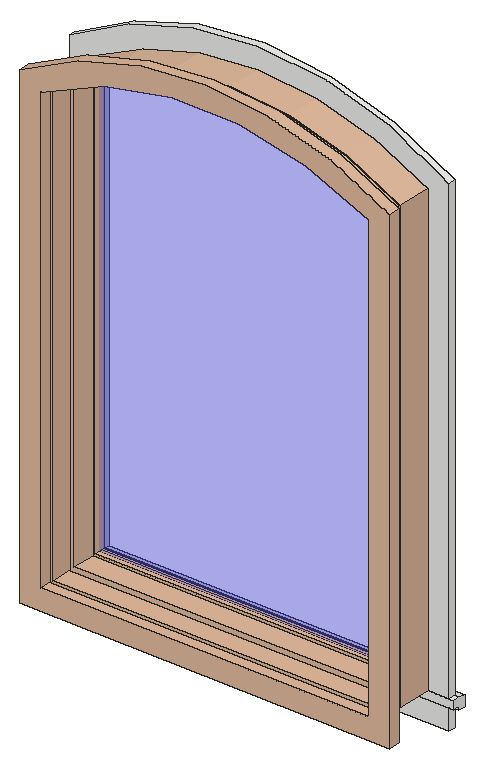
Revit family "2afd5cd2345843058c9256e8b115a4a2", category Windows, host Wall, Revit 2021
Family settings
  Host = Wall
  OmniClass Number = 23.30.20.17.11
  OmniClass Title = Fixed Windows
  Always vertical = Yes
  Cut with Voids When Loaded = No
  Shared = No
  Room Calculation Point = No
Parameters (values of type "36" x 53"")
  Window Inset [instance] = 0' - 0"
  Wall Thickness [instance] = 0' - 6"
  Visual Light Transmittance = 0.81
  Thermal Resistance (R) = 1.8146 (h·ft²·°F)/BTU
  Solar Heat Gain Coefficient = 0.76
  Rough Width = Width + 0' 0 1/2"  # 3' - 0 1/2"
  Rough Height = Height + 0' 0 1/2"  # 4' - 5 1/2"
  Shoulder Height = 4' - 0"
  Length 1 = ((Width / 2) * (Width / 2) - Chord Height * Chord Height) / (2 * Chord Height)  # 2' - 5.9"
  Interior Wall Closure [instance] = 0' - 2 1/4"
  Interior Trim Visibility [instance] = yes
  Interior Trim Material = Wood - Stained
  Interior Trim = Trim-Window-Interior-Flat-Arch-Top : Picture Frame
  Height = Chord Height + Shoulder Height  # 4' - 5"
  Interior Frame Material = Wood - Stained
  Heat Transfer Coefficient (U) = 0.5511 BTU/(h·ft²·°F)
  Glass Panel Material = Glass
  Frame Extension [instance] = if(Exterior Trim Visibility, Window Inset + 0' 0 1/4", 0' 0 1/4")  # 0' - 0 1/4"
  Fire Rating = "0.5h"
  Exterior Wall Closure [instance] = 0' - 1 1/4"
  Exterior Trim Visibility [instance] = yes
  Exterior Trim Material = Clad - White
  Exterior Trim = Trim-Window-Exterior-Flat-Arch-Top : with Sill
  Exterior Frame Material = Clad - White
  Extension Jamb Visibility [instance] = and(Interior Trim Visibility, Wall Thickness - Window Inset > 0' 3 3/4")  # yes
  Extension Jamb [instance] = if(Wall Thickness - Window Inset > 0' 3 3/4", Wall Thickness - Window Inset - 0' 3 3/4", 0' 1")  # 0' - 2 1/4"
  Default Sill Height = 3' - 0"
  Wall Closure = By host
  Width = 3' - 0"
  Assembly Code = "B2020100"
  Chord Height = 0' - 5"
  Analytic Construction = "Double glazing - domestic"
Reference planes (in)
  plane 1 "Center (Front/Back)": y = 0
  plane 2: z = 0
  plane 3 "Center (Left/Right)": x = 0
  plane 4 "Left": x = -18
  plane 5 "Right": x = 18
  plane 6 "Sill": z = 36
  plane 7 "Top": z = 89
  plane 8 "Inset Face": y = 3
  plane 9 "Wall Closure": y = -0.75
  plane 10 "Sash Face": y = 3.5
  plane 11 "Exterior": y = 3
  plane 12: x = 17.5
  plane 13: x = -17.5
  plane 14: z = 88.5
  plane 15: z = 36.5
  plane 16: x = 16.5
  plane 17: x = -16.5
  plane 18: z = 87.5
  plane 19: z = 37.5
  plane 20: y = 2.25
  plane 21 "Glass": y = 2.625
  plane 22 "Middle": z = 62.5
  plane 23: y = 3.75
  plane 24: y = 3.75
  plane 25 "Interior": y = -3
  plane 26 "Jamb": y = -0.75
  plane 27: z = 84
  plane 28: z = 45
  plane 29: y = -0.75
  plane 30: y = 1.75
  plane 31: z = 54.1
  plane 32: y = 3.75
Forms (in)
  Sweep 1, solid, material "Wood - Stained" <- "Interior Frame Material"
    path origin (0, 3.5, 0) x (-1, 0, 0) y (0, 0, 1)
      loop
        line (-18, 36) -> (18, 36) -> (18, 84)
        arc (18, 84) -> (0, 89) -> (-18, 84) r 34.9
        line (-18, 84) -> (-18, 36)
    profile origin (18, 3.5, 60) x (1, 0, 0) y (0, 1, 0)
      loop
        line (0, 0.25) -> (-0.5, 0.25) -> (-0.5, -1.75) -> (-1.25, -1.75) -> (-1.25, -4.25) -> (0, -4.25) -> (0, 0.25)
  Extrusion 2, solid, material "Wood - Stained" <- "Interior Frame Material", visible <- "Extension Jamb Visibility"
    sketch origin (0, 0, 0) x (1, 0, 0) y (0, 0, 1)
      loop
        line (18, 36) -> (18, 84)
        arc (18, 84) -> (0, 89) -> (-18, 84) r 34.9
        line (-18, 84) -> (-18, 36) -> (18, 36)
      loop
        line (17.25, 36.75) -> (17.25, 84)
        arc (17.25, 84) -> (0, 88.61916) -> (-17.25, 84) r 34.51916
        line (-17.25, 84) -> (-17.25, 36.75) -> (17.25, 36.75)
    from 0.75 to 3
  Sweep 3, solid, material "Wood - Stained" <- "Interior Frame Material"
    path origin (0, 3.5, 0) x (-1, 0, 0) y (0, 0, 1)
      loop
        line (-17.5, 36.5) -> (17.5, 36.5) -> (17.5, 84)
        arc (17.5, 84) -> (0, 88.74477) -> (-17.5, 84) r 34.64477
        line (-17.5, 84) -> (-17.5, 36.5)
    profile origin (17.5, 3.5, 60.25) x (1, 0, 0) y (0, 1, 0)
      loop
        line (0, -0.5) -> (-1, -0.5) -> (-1, -1.75) -> (0, -1.75) -> (0, -0.5)
  Extrusion 4, solid, material "Glass" <- "Glass Panel Material"
    sketch origin (-27.46716, 2.625, 48) x (-1, 0, 0) y (0, 0, 1)
      loop
        line (-43.96716, -10.5) -> (-10.96716, -10.5) -> (-10.96716, 36)
        arc (-10.96716, 36) -> (-27.46716, 40.25055) -> (-43.96716, 36) r 34.15055
        line (-43.96716, 36) -> (-43.96716, -10.5)
    from 0.125 to 0.375
  Extrusion 5, solid, material "Glass" <- "Glass Panel Material"
    sketch origin (-27.46716, 2.625, 48) x (-1, 0, 0) y (0, 0, 1)
      loop
        line (-43.96716, -10.5) -> (-10.96716, -10.5) -> (-10.96716, 36)
        arc (-10.96716, 36) -> (-27.46716, 40.25055) -> (-43.96716, 36) r 34.15055
        line (-43.96716, 36) -> (-43.96716, -10.5)
    from -0.125 to -0.375
  Sweep 6, solid, material "Clad - White" <- "Exterior Frame Material"
    path origin (0, 0, 0) x (1, 0, 0) y (0, 0, 1)
      loop
        line (-17.5, 36.5) -> (17.5, 36.5) -> (17.5, 84)
        arc (17.5, 84) -> (0, 88.74477) -> (-17.5, 84) r 34.64477
        line (-17.5, 84) -> (-17.5, 36.5)
    profile origin (-17.5, 0, 60.25) x (-1, 0, 0) y (0, -1, 0)
      loop
        line (-1, -3.5) -> (0, -3.5) -> (0, -3) -> (-1, -3) -> (-1, -3.5)
Lines and regions (in)
  Opening 1
    outline origin (-60, -3, 0) x (1, 0, 0) y (0, 0, 1)
      loop
        line (42, 84) -> (42, 36) -> (78, 36) -> (78, 84)
        arc (78, 84) -> (60, 89) -> (42, 84) r 34.9
  Split face 1
    outline origin (-16.5, 1.75, 37.5) x (1, 0, 0) y (0, 1, 0)
      loop
        line (0, 0.75) -> (33, 0.75)
Text (in)
  text "EXTERIOR" at (-58.6888, 50.90694, 0), in view "Ref. Level"
  text "INTERIOR" at (-58.6888, -37.76638, 0), in view "Ref. Level"
  text "Exterior" at (0, 43.65631, 123.19604), in view "Left"
  text "Exterior" at (0, 18.29385, 125.04747), in view "Right"
Dimensions and locks (in)
  equal spacing: plane 4 "Left", plane 3 "Center (Left/Right)", plane 5 "Right"
  "Width": plane 4 "Left" to plane 5 "Right"
  "Default Sill Height": plane 2 to plane 6 "Sill"
  locked: plane 10 "Sash Face" to plane 8 "Inset Face" at 0.5
  "Wall Thickness": host wall to host wall
  "Window Inset": plane 11 "Exterior" to plane 8 "Inset Face"
  locked: Sweep 1 sketch curve to plane 5 "Right" at 1.25
  locked: Sweep 1 sketch curve to plane 5 "Right" at 0.5
  locked: plane 10 "Sash Face" to Sweep 1 sketch curve at 1.75
  locked: plane 12 to plane 5 "Right" at 0.5
  locked: plane 4 "Left" to plane 13 at 0.5
  locked: plane 14 to plane 7 "Top" at 0.5
  locked: plane 6 "Sill" to plane 15 at 0.5
  locked: plane 16 to plane 12 at 1
  locked: plane 13 to plane 17 at 1
  locked: plane 18 to plane 14 at 1
  locked: plane 15 to plane 19 at 1
  locked: Extrusion 2 sketch curve to plane 5 "Right" at 0.75
  locked: Extrusion 2 sketch curve to plane 4 "Left" at 0.75
  locked: plane 6 "Sill" to Extrusion 2 sketch curve at 0.75
  equal spacing: plane 8 "Inset Face", plane 21 "Glass", plane 20
  locked: plane 8 "Inset Face" to plane 20 at 0.75
  equal spacing: plane 6 "Sill", plane 22 "Middle", plane 7 "Top"
  locked: plane 23 to plane 11 "Exterior" at 0.75
  locked: plane 24 to plane 10 "Sash Face" at 0.25
  "Extension Jamb": plane 26 "Jamb" to plane 25 "Interior"
  locked: plane 8 "Inset Face" to plane 9 "Wall Closure" at 3.75
  "Interior Wall Closure": plane 29 to plane 25 "Interior"
  "Exterior Wall Closure": plane 11 "Exterior" to plane 30
  "Shoulder Height": plane 6 "Sill" to plane 27
  "Chord Height": plane 27 to plane 7 "Top"
  "Length 1": plane 31 to plane 27
  "Frame Extension": plane 32 to plane 10 "Sash Face"
  aligned and locked: plane 6 "Sill" to Opening 1 sketch curve  (x2)
  aligned and locked: level to plane 2
  aligned and locked: host wall to plane 11 "Exterior"
  aligned and locked: plane 5 "Right" to Sweep 1 sketch curve  (x2)
  aligned and locked: Sweep 1 sketch curve to plane 4 "Left"
  aligned and locked: Sweep 1 sketch curve to plane 6 "Sill"
  aligned and locked: Extrusion 2 sketch curve to host wall  (x3)
  aligned and locked: host wall to Extrusion 2
  aligned and locked: plane 15 to Sweep 3 sketch curve
  aligned and locked: plane 25 "Interior" to host wall
  aligned and locked: plane 26 "Jamb" to Extrusion 2
  aligned and locked: plane 9 "Wall Closure" to Sweep 1
  aligned and locked: nested 1 to plane 4 "Left"
  aligned and locked: nested 1 to plane 11 "Exterior"
  aligned and locked: plane 12 to Sweep 3 sketch curve
  aligned and locked: plane 16 to Sweep 3 sketch curve
  aligned and locked: plane 16 to Extrusion 4 sketch curve  (x2)
  aligned and locked: plane 17 to Extrusion 4 sketch curve
  aligned and locked: Extrusion 4 sketch curve to plane 19
  aligned and locked: plane 16 to Extrusion 5 sketch curve  (x2)
  aligned and locked: Extrusion 5 sketch curve to plane 19
  aligned and locked: plane 17 to Extrusion 5 sketch curve
  aligned and locked: Sweep 3 sketch curve to plane 13
  aligned and locked: plane 8 "Inset Face" to Sweep 3 sketch curve
  aligned and locked: plane 13 to Sweep 6 sketch curve
  aligned and locked: Sweep 6 sketch curve to plane 15
  aligned and locked: plane 10 "Sash Face" to Sweep 6 sketch curve
  aligned and locked: Sweep 6 sketch curve to plane 17
  aligned and locked: Sweep 6 sketch curve to Sweep 3  (x2)
  aligned and locked: plane 7 "Top" to nested 1
  aligned and locked: plane 7 "Top" to nested 2
  aligned and locked: nested 2 to plane 3 "Center (Left/Right)"
  aligned and locked: plane 27 to Sweep 6 sketch curve  (x2)
  aligned and locked: plane 12 to Sweep 6 sketch curve
  aligned and locked: plane 31 to Sweep 6 sketch curve
  aligned and locked: plane 3 "Center (Left/Right)" to Sweep 6 sketch curve
  aligned and locked: plane 27 to Extrusion 4 sketch curve  (x2)
  aligned and locked: plane 31 to Extrusion 4 sketch curve
  aligned and locked: plane 3 "Center (Left/Right)" to Extrusion 4 sketch curve
  aligned and locked: plane 27 to Extrusion 5 sketch curve  (x2)
  aligned and locked: plane 3 "Center (Left/Right)" to Extrusion 5 sketch curve
  aligned and locked: plane 31 to Extrusion 5 sketch curve
  aligned and locked: plane 27 to Extrusion 2 sketch curve  (x4)
  aligned and locked: plane 3 "Center (Left/Right)" to Extrusion 2 sketch curve  (x2)
  aligned and locked: plane 31 to Extrusion 2 sketch curve  (x2)
  aligned and locked: plane 27 to Opening 1 sketch curve  (x2)
  aligned and locked: plane 4 "Left" to Opening 1 sketch curve
  aligned and locked: plane 3 "Center (Left/Right)" to Opening 1 sketch curve
  aligned and locked: plane 31 to Opening 1 sketch curve
  aligned and locked: plane 27 to Sweep 1 sketch curve  (x2)
  aligned and locked: plane 31 to Sweep 1 sketch curve
  aligned and locked: plane 27 to Sweep 3 sketch curve  (x2)
  aligned and locked: plane 31 to Sweep 3 sketch curve
  aligned and locked: plane 3 "Center (Left/Right)" to Sweep 3 sketch curve
  aligned and locked: plane 3 "Center (Left/Right)" to nested 3
  aligned and locked: plane 7 "Top" to nested 3
  aligned and locked: plane 32 to Sweep 1 sketch curve
Automatic sketch dimensions
  Sweep 1 sketch curve to profile plane = 0' - 0"
  Sweep 1 sketch curve to Sweep 1 sketch curve = 0' - 2 1/2"
  Split face 1 sketch curve to Sweep 3 = 0' - 0"  (x2)
  Sweep 3 sketch curve to profile plane = 0' - 0"
  Sweep 3 sketch curve to plane 10 "Sash Face" = 0' - 1 3/4"
  Sweep 3 to Split face 1 sketch curve = 0' - 0 1/2"
Nested families (in)
  nested 1: "Plan-Fixed" at (0, 3, 36) x (-1, 0, 0) z (0, 0, 1), Width <- "Width", Window Inset <- "Window Inset", Wall Thickness <- "Wall Thickness", Height <- "Height", type "Plan-Fixed"
    with Window Inset of 3D 0' - 0", Window Inset 0' - 0", Width 3' - 0", Wall Thickness 0' - 6", Height 4' - 5"
  nested 2: "Trim-Window-Exterior-Flat-Arch-Top" at (0, 3, 89) x (-1, 0, 0) z (0, 1, 0), visible <- "Exterior Trim Visibility", Trim Material <- "Exterior Trim Material", Opening Width <- "Width", type <- "Exterior Trim", Arch Top Height <- "Chord Height", Lower Height <- "Shoulder Height", type "with Sill"
    with Trim Material Clad - White, Opening Width 3' - 0", Opening Height 4' - 5", Lower Height 4' - 0", Length 2 2' - 7.14579", Length 1 2' - 5.9", Arch Top Height 0' - 5"
  nested 3: "Trim-Window-Interior-Flat-Arch-Top" at (0, -3, 89) x (1, 0, 0) z (0, -1, 0), visible <- "Interior Trim Visibility", Trim Material <- "Interior Trim Material", Opening Width <- "Width", Arch Top Height <- "Chord Height", Lower Height <- "Shoulder Height", type <- "Interior Trim", type "Picture Frame"
    with Trim Material Wood - Stained, Opening Width 3' - 0", Opening Height 4' - 5", Lower Height 4' - 0", Length 3 2' - 8.79557", Length 2 2' - 9.08062", Length 1 2' - 7.77778", Arch Top Height 0' - 5"
Definition of nested family "Trim-Window-Exterior-Flat-Arch-Top"
  Parameters (values of type "with Sill")
    Trim Width = 0' - 2 1/4"
    Trim Thickness_Picture Frame = 0' - 1 1/4"
    Trim Thickness_with Sill = 0' - 0 3/4"
    Trim Material [instance] = none
    Sill Thickness = 0' - 1 1/4"
    Sill = yes
    Picture Frame = no
    Opening Width [instance] = 2' - 0"
    Opening Height [instance] = Arch Top Height + Lower Height  # 2' - 5"
    Lower Height [instance] = 2' - 0"
    Length 2 [instance] = sqrt((Length 1 + Arch Top Height + 0' 2 1/4") ^ 2 - (Opening Width / 2 + 0' 2 1/4") ^ 2)  # 1' - 0 203/256"
    Length 1 [instance] = ((Opening Width / 2) * (Opening Width / 2) - Arch Top Height * Arch Top Height) / (2 * Arch Top Height)  # 0' - 11.9"
    Default Elevation = 4' - 0"
    Arch Top Height [instance] = 0' - 5"
  Types (2): name | Sill | Picture Frame
    with Sill | yes | no
    Picture Frame | no | yes
  Reference planes (in)
    plane 1 "Center (Front/Back)": y = 0
    plane 2: z = 0
    plane 3 "Center (Left/Right)": x = 0
    plane 4: y = 2.25
    plane 5 "Left": x = -12
    plane 6 "Right": x = 12
    plane 7 "Bottom": y = -29
    plane 8: y = -30.25
    plane 9: y = -32.12332
    plane 10: x = 14.25
    plane 11: x = -14.25
    plane 12: z = 0.75
    plane 13: z = 1.25
    plane 14: x = 14.75
    plane 15: x = -14.75
    plane 16: y = -29.87332
    plane 17: y = -31.25
    plane 18: z = 0.5
    plane 19: y = -24
    plane 20: z = 1.5
    plane 21: y = -5
    plane 22: y = -16.9
    plane 23: y = -4.10703
  Forms (in)
    Extrusion 1, solid
      sketch origin (0, 0, 0) x (1, 0, 0) y (0, 1, 0)
        loop
          line (-14.25, 2.25) -> (-14.25, -36) -> (14.25, -36) -> (14.25, 2.25) -> (-14.25, 2.25)
      from 0 to -12
    Extrusion 2, solid, material <- "Trim Material", visible <- "Sill"
      sketch origin (0, 0, 0) x (1, 0, 0) y (0, 1, 0)
        loop
          line (-14.25, -29) -> (-12, -29) -> (-12, -5)
          arc (-12, -5) -> (0, 0) -> (12, -5) r 16.9
          line (12, -5) -> (12, -29) -> (14.25, -29) -> (14.25, -4.10703)
          arc (14.25, -4.10703) -> (0, 2.25) -> (-14.25, -4.10703) r 19.15
          line (-14.25, -4.10703) -> (-14.25, -29)
      from 0 to 0.75
    Extrusion 3, solid, material <- "Trim Material", visible <- "Sill"
      sketch origin (0, 0, 0) x (0, 1, 0) y (0, 0, 1)
        loop
          line (-29.09677, 1.5) -> (-30.25, 1.5) -> (-30.25, 0.75) -> (-29.87332, 0.75) -> (-29.87332, 0) -> (-29, 0) -> (-29, 0.75) -> (-29.09677, 1.5)
      from -14.75 to 14.75
    Extrusion 4, solid, material <- "Trim Material", visible <- "Sill"
      sketch origin (0, 0, 0) x (1, 0, 0) y (0, 1, 0)
        loop
          line (-14.25, -29.87332) -> (-14.25, -32.12332) -> (14.25, -32.12332) -> (14.25, -29.87332) -> (-14.25, -29.87332)
      from 0 to 0.75
    Extrusion 5, solid, material <- "Trim Material", visible <- "Picture Frame"
      sketch origin (0, 0, 0) x (1, 0, 0) y (0, 1, 0)
        loop
          line (-12, -29) -> (12, -29) -> (12, -5)
          arc (12, -5) -> (0, 0) -> (-12, -5) r 16.9
          line (-12, -5) -> (-12, -29)
        loop
          line (-14.25, -31.25) -> (14.25, -31.25) -> (14.25, -4.10703)
          arc (14.25, -4.10703) -> (0, 2.25) -> (-14.25, -4.10703) r 19.15
          line (-14.25, -4.10703) -> (-14.25, -31.25)
      from 0 to 1.25
  Dimensions and locks (in)
    equal spacing: plane 5 "Left", plane 3 "Center (Left/Right)", plane 6 "Right"
    "Opening Width": plane 5 "Left" to plane 6 "Right"
    "Sill Thickness": plane 7 "Bottom" to plane 8
    "Trim Width": plane 11 to plane 5 "Left"
    "Trim Width": plane 6 "Right" to plane 10
    "Trim Width": plane 1 "Center (Front/Back)" to plane 4
    locked: plane 15 to plane 11 at 0.5
    locked: plane 10 to plane 14 at 0.5
    locked: plane 16 to plane 8 at 0.37668
    "Trim Width": plane 9 to plane 16
    "Trim Width": plane 17 to plane 7 "Bottom"
    locked: plane 18 to plane 2 at 0.5
    locked: plane 20 to plane 12 at 0.75
    "Trim Thickness_with Sill": plane 12 to plane 2
    "Trim Thickness_Picture Frame": plane 13 to plane 2
    "Arch Top Height": plane 21 to plane 1 "Center (Front/Back)"
    "Lower Height": plane 21 to plane 7 "Bottom"
    "Length 1": plane 21 to plane 22
    "Length 2": plane 23 to plane 22
    aligned and locked: plane 2 to Extrusion 1
    aligned and locked: level to Extrusion 1
    aligned and locked: Extrusion 2 sketch curve to plane 11
    aligned and locked: plane 7 "Bottom" to Extrusion 2 sketch curve  (x2)
    aligned and locked: plane 10 to Extrusion 2 sketch curve
    aligned and locked: plane 6 "Right" to Extrusion 2 sketch curve
    aligned and locked: plane 12 to Extrusion 2
    aligned and locked: Extrusion 3 sketch curve to level
    aligned and locked: plane 7 "Bottom" to Extrusion 3 sketch curve
    aligned and locked: Extrusion 3 sketch curve to plane 8
    aligned and locked: plane 15 to Extrusion 3
    aligned and locked: Extrusion 3 to plane 14
    aligned and locked: plane 10 to Extrusion 4 sketch curve
    aligned and locked: Extrusion 4 sketch curve to plane 11
    aligned and locked: plane 16 to Extrusion 4 sketch curve
    aligned and locked: plane 9 to Extrusion 4 sketch curve
    aligned and locked: Extrusion 4 to Extrusion 2
    aligned and locked: Extrusion 5 sketch curve to plane 17
    aligned and locked: plane 7 "Bottom" to Extrusion 5 sketch curve
    aligned and locked: Extrusion 5 sketch curve to plane 6 "Right"
    aligned and locked: plane 5 "Left" to Extrusion 5 sketch curve  (x2)
    aligned and locked: Extrusion 5 sketch curve to plane 11
    aligned and locked: plane 13 to Extrusion 5
    aligned and locked: plane 20 to Extrusion 3
    aligned and locked: plane 21 to Extrusion 5 sketch curve  (x2)
    aligned and locked: plane 22 to Extrusion 5 sketch curve  (x2)
    aligned and locked: plane 21 to Extrusion 2 sketch curve  (x2)
    aligned and locked: plane 5 "Left" to Extrusion 2 sketch curve
    aligned and locked: plane 3 "Center (Left/Right)" to Extrusion 2 sketch curve  (x2)
    aligned and locked: plane 22 to Extrusion 2 sketch curve  (x2)
    aligned and locked: plane 3 "Center (Left/Right)" to Extrusion 5 sketch curve
    aligned and locked: plane 10 to Extrusion 5 sketch curve
    aligned and locked: plane 23 to Extrusion 5 sketch curve
    aligned and locked: plane 23 to Extrusion 2 sketch curve  (x2)
  Automatic sketch dimensions
    Extrusion 1 sketch curve to Extrusion 1 sketch curve = 2' - 4 1/2"
    Extrusion 1 sketch curve to Extrusion 1 sketch curve = 3' - 2 1/4"
    Extrusion 3 sketch curve to plane 16 = 0' - 0"
    Extrusion 3 sketch curve to plane 12 = 0' - 0"  (x2)
    Extrusion 3 sketch curve to plane 7 "Bottom" = 0' - 0.09677"
    plane 13 to Extrusion 3 sketch curve = 0' - 0 1/4"
Definition of nested family "Trim-Window-Interior-Flat-Arch-Top"
  Parameters (values of type "with Sill")
    Trim Thickness_Picture Frame = 0' - 1 1/4"
    Trim Width = 0' - 2 1/4"
    Trim Thickness_with Sill = 0' - 0 3/4"
    Trim Material [instance] = none
    Sill Thickness = 0' - 1 1/4"
    Sill = yes
    Picture Frame = no
    Opening Width [instance] = 2' - 0"
    Opening Height [instance] = Arch Top Height + Lower Height  # 2' - 5"
    Lower Height [instance] = 2' - 0"
    Length 3 [instance] = sqrt((Length 1 + Arch Top Height + 0' 1 1/4") ^ 2 - (Opening Width / 2 + 0' 1 1/4") ^ 2)  # 1' - 1.18786"
    Length 2 [instance] = sqrt((Length 1 + Arch Top Height + 0' 1 3/4") ^ 2 - (Opening Width / 2 + 0' 1 3/4") ^ 2)  # 1' - 1.39269"
    Length 1 [instance] = ((Opening Width / 2 - 0' 0 1/2") * (Opening Width / 2 - 0' 0 1/2") - (Arch Top Height - 0' 0 1/2") * (Arch Top Height - 0' 0 1/2")) / (2 * (Arch Top Height - 0' 0 1/2"))  # 1' - 0.44444"
    Default Elevation = 4' - 0"
    Arch Top Height [instance] = 0' - 5"
  Types (2): name | Sill | Picture Frame
    with Sill | yes | no
    Picture Frame | no | yes
  Reference planes (in)
    plane 1 "Center (Front/Back)": y = 0
    plane 2: z = 0
    plane 3 "Center (Left/Right)": x = 0
    plane 4: y = 1.75
    plane 5 "Left": x = -12
    plane 6 "Right": x = 12
    plane 7 "Bottom": y = -29
    plane 8: y = -30.25
    plane 9: y = -32.12332
    plane 10: x = 13.75
    plane 11: x = -13.75
    plane 12: z = 0.75
    plane 13: z = 1.25
    plane 14: x = 14.25
    plane 15: x = -14.25
    plane 16: y = -29.87332
    plane 17: y = -30.75
    plane 18: z = 0.5
    plane 19: x = -11.5
    plane 20: y = -0.5
    plane 21: x = 11.5
    plane 22: y = -28.5
    plane 23: x = -13.25
    plane 24: x = 13.25
    plane 25: y = -5
    plane 26: y = -24
    plane 27: y = -17.44444
    plane 28: y = -4.05175
    plane 29: y = -4.25658
  Forms (in)
    Extrusion 1, solid
      sketch origin (0, 0, 0) x (1, 0, 0) y (0, 1, 0)
        loop
          line (-13.75, 1.75) -> (-13.75, -36) -> (13.75, -36) -> (13.75, 1.75) -> (-13.75, 1.75)
      from 0 to -12
    Extrusion 2, solid, material <- "Trim Material", visible <- "Sill"
      sketch origin (0, 0, 0) x (1, 0, 0) y (0, 1, 0)
        loop
          line (-13.25, -29) -> (-11.5, -29) -> (-11.5, -5)
          arc (-11.5, -5) -> (0, -0.5) -> (11.5, -5) r 16.94444
          line (11.5, -5) -> (11.5, -29) -> (13.25, -29) -> (13.25, -4.25658)
          arc (13.25, -4.25658) -> (0, 1.25) -> (-13.25, -4.25658) r 18.69444
          line (-13.25, -4.25658) -> (-13.25, -29)
      from 0 to 0.75
    Extrusion 3, solid, material <- "Trim Material", visible <- "Sill"
      sketch origin (0, 0, 0) x (0, 1, 0) y (0, 0, 1)
        loop
          line (-29.5, 1.5) -> (-29.87332, 1.5) -> (-29.87332, 0) -> (-29, 0) -> (-29, 1)
          arc (-29, 1) -> (-29.14645, 1.35355) -> (-29.5, 1.5) r 0.5
      from -13.75 to 13.75
    Extrusion 4, solid, material <- "Trim Material", visible <- "Sill"
      sketch origin (0, 0, 0) x (1, 0, 0) y (0, 1, 0)
        loop
          line (-13.25, -29.87332) -> (-13.25, -32.12332) -> (13.25, -32.12332) -> (13.25, -29.87332) -> (-13.25, -29.87332)
      from 0 to 0.75
    Extrusion 5, solid, material <- "Trim Material", visible <- "Picture Frame"
      sketch origin (0, 0, 0) x (1, 0, 0) y (0, 1, 0)
        loop
          line (-11.5, -28.5) -> (11.5, -28.5) -> (11.5, -5)
          arc (11.5, -5) -> (0, -0.5) -> (-11.5, -5) r 16.94444
          line (-11.5, -5) -> (-11.5, -28.5)
        loop
          line (-13.75, -30.75) -> (13.75, -30.75) -> (13.75, -4.05175)
          arc (13.75, -4.05175) -> (0, 1.75) -> (-13.75, -4.05175) r 19.19444
          line (-13.75, -4.05175) -> (-13.75, -30.75)
      from 0 to 1.25
  Dimensions and locks (in)
    equal spacing: plane 5 "Left", plane 3 "Center (Left/Right)", plane 6 "Right"
    "Opening Width": plane 5 "Left" to plane 6 "Right"
    "Sill Thickness": plane 7 "Bottom" to plane 8
    "Trim Width": plane 11 to plane 19
    "Trim Width": plane 21 to plane 10
    "Trim Width": plane 20 to plane 4
    "Trim Thickness_with Sill": plane 12 to plane 2
    locked: plane 15 to plane 11 at 0.5
    locked: plane 10 to plane 14 at 0.5
    locked: plane 16 to plane 8 at 0.37668
    "Trim Width": plane 9 to plane 16
    "Trim Width": plane 17 to plane 22
    plane 20 to plane 1 "Center (Front/Back)" = 0' - 0 1/2"
    plane 5 "Left" to plane 19 = 0' - 0 1/2"
    plane 21 to plane 6 "Right" = 0' - 0 1/2"
    plane 22 to plane 7 "Bottom" = 0' - 0 1/2"
    locked: plane 11 to plane 23 at 0.5
    locked: plane 24 to plane 10 at 0.5
    "Trim Thickness_Picture Frame": plane 13 to plane 2
    locked: Extrusion 3 to plane 12 at 0.75
    locked: plane 12 to Extrusion 3 sketch curve at 0.75
    "Arch Top Height": plane 25 to plane 1 "Center (Front/Back)"
    "Lower Height": plane 25 to plane 7 "Bottom"
    "Length 1": plane 25 to plane 27
    "Length 2": plane 28 to plane 27
    "Length 3": plane 29 to plane 27
    radius of Extrusion 3 sketch curve = 0' - 0 1/2"
    aligned and locked: plane 2 to Extrusion 1
    aligned and locked: level to Extrusion 1
    aligned and locked: plane 7 "Bottom" to Extrusion 2 sketch curve  (x2)
    aligned and locked: plane 12 to Extrusion 2
    aligned and locked: Extrusion 3 sketch curve to level
    aligned and locked: plane 7 "Bottom" to Extrusion 3 sketch curve
    aligned and locked: plane 16 to Extrusion 4 sketch curve
    aligned and locked: plane 9 to Extrusion 4 sketch curve
    aligned and locked: Extrusion 5 sketch curve to plane 17
    aligned and locked: Extrusion 5 sketch curve to plane 11
    aligned and locked: plane 13 to Extrusion 5
    aligned and locked: plane 19 to Extrusion 5 sketch curve  (x2)
    aligned and locked: Extrusion 5 sketch curve to plane 21
    aligned and locked: plane 22 to Extrusion 5 sketch curve
    aligned and locked: plane 24 to Extrusion 4
    aligned and locked: plane 11 to Extrusion 3
    aligned and locked: Extrusion 3 to plane 10
    aligned and locked: plane 21 to Extrusion 2 sketch curve
    aligned and locked: Extrusion 2 sketch curve to plane 24
    aligned and locked: plane 23 to Extrusion 2 sketch curve  (x2)
    aligned and locked: plane 12 to Extrusion 4
    aligned and locked: plane 27 to Extrusion 2 sketch curve  (x2)
    aligned and locked: plane 3 "Center (Left/Right)" to Extrusion 2 sketch curve  (x2)
    aligned and locked: plane 19 to Extrusion 2 sketch curve
    aligned and locked: Extrusion 5 to Extrusion 2 sketch curve
    aligned and locked: plane 25 to Extrusion 2 sketch curve
    aligned and locked: plane 29 to Extrusion 2 sketch curve
    aligned and locked: plane 27 to Extrusion 5 sketch curve  (x2)
    aligned and locked: plane 3 "Center (Left/Right)" to Extrusion 5 sketch curve  (x2)
    aligned and locked: plane 25 to Extrusion 5 sketch curve
    aligned and locked: plane 28 to Extrusion 5 sketch curve  (x2)
    aligned and locked: plane 10 to Extrusion 5 sketch curve
  Automatic sketch dimensions
    Extrusion 1 sketch curve to Extrusion 1 sketch curve = 2' - 3 1/2"
    Extrusion 1 sketch curve to Extrusion 1 sketch curve = 3' - 1 3/4"
    Extrusion 3 sketch curve to plane 16 = 0' - 0"
    Extrusion 4 sketch curve to plane 11 = 0' - 0 1/2"
    Extrusion 4 sketch curve to plane 24 = 0' - 0"
Definition of nested family "Plan-Fixed"
  Parameters (values of type "Plan-Fixed")
    Window Inset [instance] = 0' - 1"
    Window Inset of 3D [instance] = if(Window Inset - 0' 0 1/2" < 0' 0", 0' 0", if(Window Inset - 0' 0 1/2" < Wall Thickness - 0' 3 1/2", Window Inset - 0' 0 1/2", Wall Thickness - 0' 3 1/2"))  # 0' - 0 1/2"
    Width [instance] = 4' - 0"
    Wall Thickness [instance] = 0' - 6"
    Height [instance] = 3' - 0"
    Default Elevation = 4' - 0"
    Analytic Construction = "<None>"
  Reference planes (in)
    plane 1 "Center (Front/Back)": y = 0
    plane 2: z = 0
    plane 3 "Center (Left/Right)": x = 0
    plane 4: x = -24
    plane 5: x = 24
    plane 6 "Jamb": y = -4
    plane 7: x = -23.5
    plane 8: x = -22.75
    plane 9: y = -0.5
    plane 10: y = -2.25
    plane 11: y = -1.375
    plane 12: x = -22.5
    plane 13: x = 23.5
    plane 14: x = 22.75
    plane 15: x = 22.5
    plane 16 "Window Inset": y = -1
    plane 17 "Wall": y = -6
    plane 18: z = 36
    plane 19: z = 35.5
    plane 20: z = 0.5
    plane 21: z = 34.75
    plane 22: z = 1.25
    plane 23: z = 34.5
    plane 24: z = 1.5
  Lines and regions (in)
    Masking region 1
      outline origin (0, 0.75, 0) x (1, 0, 0) y (0, 1, 0)
        loop
          line (-24, -6.75) -> (24, -6.75) -> (24, -0.75) -> (-24, -0.75) -> (-24, -6.75)
    Masking region 2
      outline origin (0, 0, 0) x (0, 1, 0) y (0, 0, 1)
        loop
          line (-6, 36) -> (-6, 0) -> (0, 0) -> (0, 36) -> (-6, 36)
    symbolic lines
      curve 1: line (-23.5, -2.25, 0) -> (-22.75, -2.25, 0)
      curve 2: line (-22.75, -2.25, 0) -> (-22.75, -4, 0)
      curve 3: line (-23.5, -0.5, 0) -> (-23.5, -2.25, 0)
      curve 4: line (-24, -0.5, 0) -> (-22.5, -0.5, 0)
      curve 5: line (-22.5, -0.5, 0) -> (-22.5, -2.25, 0)
      curve 6: line (-22.5, -2.25, 0) -> (-22.75, -2.25, 0)
      curve 7: line (-22.5, -1.375, 0) -> (22.5, -1.375, 0)
      curve 8: line (23.5, -2.25, 0) -> (22.75, -2.25, 0)
      curve 9: line (22.75, -2.25, 0) -> (22.75, -4, 0)
      curve 10: line (23.5, -0.5, 0) -> (23.5, -2.25, 0)
      curve 11: line (22.5, -0.5, 0) -> (22.5, -2.25, 0)
      curve 12: line (22.5, -2.25, 0) -> (22.75, -2.25, 0)
      curve 13: line (-24, -4, 0) -> (-22.75, -4, 0)
      curve 14: line (22.75, -4, 0) -> (24, -4, 0)
      curve 15: line (0, -0.5, 35.5) -> (0, -2.25, 35.5)
      curve 16: line (0, -2.25, 34.75) -> (0, -4, 34.75)
      curve 17: line (0, -4, 0) -> (0, -4, 1.25)
      curve 18: line (0, -0.5, 0.5) -> (0, -2.25, 0.5)
      curve 19: line (0, -2.25, 0.5) -> (0, -2.25, 1.5)
      curve 20: line (0, -2.25, 1.25) -> (0, -4, 1.25)
      curve 21: line (0, -0.5, 36) -> (0, -0.5, 34.5)
      curve 22: line (0, -0.5, 34.5) -> (0, -2.25, 34.5)
      curve 23: line (0, -2.25, 1.5) -> (0, -0.5, 1.5)
      curve 24: line (0, -1.375, 1.5) -> (0, -1.375, 34.5)
      curve 25: line (0, -2.25, 35.5) -> (0, -2.25, 34.5)
      curve 26: line (22.5, -0.5, 0) -> (24, -0.5, 0)
      curve 27: line (0, -4, 34.75) -> (0, -4, 36)
      curve 28: line (0, -0.5, 1.5) -> (0, -0.5, 0)
      curve 29: line (-22.5, -0.5, 0) -> (22.5, -0.5, 0)
      curve 30: line (22.75, -4, 0) -> (-22.75, -4, 0)
      curve 31: line (0, -0.5, 34.5) -> (0, -0.5, 1.5)
      curve 32: line (0, -4, 1.25) -> (0, -4, 34.75)
  Dimensions and locks (in)
    "Width": plane 4 to plane 5
    equal spacing: plane 4, plane 3 "Center (Left/Right)", plane 5
    plane 4 to plane 7 to plane 8 = 0' - 0 1/2" locked, 0' - 0 3/4" locked
    equal spacing: plane 9, plane 11, plane 10
    plane 5 to plane 13 to plane 14 = 0' - 0 1/2" locked, 0' - 0 3/4" locked
    locked: plane 9 to plane 16 "Window Inset" at 0.5
    locked: plane 9 to plane 10 at 1.75
    "Wall Thickness": plane 17 "Wall" to plane 1 "Center (Front/Back)"
    "Height": plane 18 to plane 2
    locked: plane 18 to plane 19 at 0.5
    locked: plane 20 to plane 2 at 0.5
    locked: plane 19 to plane 21 at 0.75
    locked: plane 22 to plane 20 at 0.75
    locked: plane 10 to plane 6 "Jamb" at 1.75
    "Window Inset of 3D": plane 9 to plane 1 "Center (Front/Back)"
    locked: plane 7 to plane 12 at 1
    locked: plane 15 to plane 13 at 1
    locked: plane 19 to plane 23 at 1
    locked: plane 24 to plane 20 at 1
    aligned and locked: plane 2 to level
    aligned and locked: curve 2 to plane 8
    aligned and locked: curve 1 to plane 10
    aligned and locked: plane 4 to Masking region 1 sketch curve
    aligned and locked: Masking region 1 sketch curve to plane 5
    aligned and locked: plane 14 to curve 9
    aligned and locked: Masking region 1 sketch curve to plane 17 "Wall"
    aligned and locked: curve 13 to plane 6 "Jamb"
    aligned and locked: curve 14 to plane 6 "Jamb"
    aligned and locked: plane 1 "Center (Front/Back)" to Masking region 1 sketch curve
    aligned and locked: Masking region 2 sketch curve to plane 18
    aligned and locked: plane 17 "Wall" to Masking region 2 sketch curve
    aligned and locked: level to Masking region 2 sketch curve
    aligned and locked: plane 6 "Jamb" to curve 17
    aligned and locked: plane 21 to curve 16
    aligned and locked: plane 19 to curve 15
    aligned and locked: plane 22 to curve 20
    aligned and locked: plane 10 to curve 19  (x2)
    aligned and locked: plane 20 to curve 18
    aligned and locked: curve 21 to plane 9
    aligned and locked: plane 23 to curve 22
    aligned and locked: curve 23 to plane 24
    aligned and locked: plane 11 to curve 24
    aligned and locked: plane 4 to curve 4
    aligned and locked: plane 5 to curve 26
    aligned and locked: plane 18 to curve 21
    aligned and locked: plane 9 to curve 15
    aligned and locked: plane 9 to curve 18
    aligned and locked: plane 2 to curve 28
    aligned and locked: plane 9 to curve 3
    aligned and locked: plane 9 to curve 10
    aligned and locked: curve 25 to plane 10
    aligned and locked: plane 19 to curve 25
    aligned and locked: plane 23 to curve 25
    aligned and locked: plane 2 to curve 17
    aligned and locked: curve 26 to plane 9
    aligned and locked: curve 4 to plane 9
    aligned and locked: curve 5 to plane 12
    aligned and locked: plane 15 to curve 11
    aligned and locked: curve 7 to plane 11
    aligned and locked: curve 12 to plane 10
    aligned and locked: plane 10 to curve 8
    aligned and locked: plane 6 "Jamb" to curve 27
  Automatic sketch dimensions
    Masking region 2 sketch curve to plane 1 "Center (Front/Back)" = 0' - 0"
    curve 13 to plane 4 = 0' - 0"
    curve 3 to plane 7 = 0' - 0"
    curve 10 to plane 13 = 0' - 0"
    curve 14 to plane 5 = 0' - 0"
    curve 18 to plane 20 = 0' - 0"
    curve 27 to plane 18 = 0' - 0"
